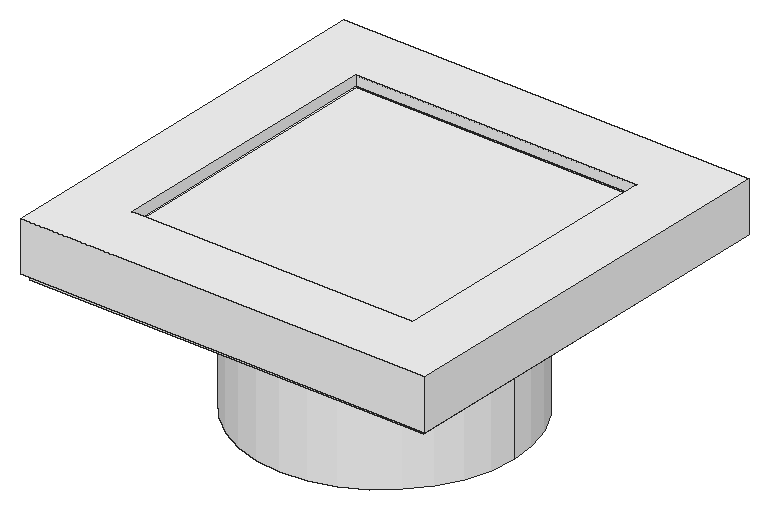
Revit family "Gira_029626", category Electrical Fixtures, host Face, Revit 2017
Family settings
  Host = Face
  Maintain Annotation Orientation = Yes
  Round Connector Dimension = Use Diameter
  Part Type = Normal
  Cut with Voids When Loaded = No
  Shared = No
  Room Calculation Point = No
Parameters (values of type "Wippe System 55 F Alu")
  White [instance] = White
  Werkstoffgüte = "Thermoplast"
  Werkstoff = "Kunststoff"
  Verwendung = "Schalter/Taster"
  URL = "http://katalog.gira.de/de_DE/datenblatt.html?artikelnr=029626"
  Region = "DE"
  Oberfläche = "sonstige"
  Name = "Wippe System 55 F Alu"
  Model = "Sys55_Komplettgerät_Schalten und Tasten"
  Mit austauschbarer Linse/Symbol = "No"
  Mit Beschriftungsfeld = "No"
  Manufacturer URL = "https://www.gira.de/"
  Kontrollfenster/Lichtauslass = "No"
  HeinzeBIM = "https://bimportal.heinze.de/bim/wippe-system-55-f-alu/56d43522043e4e47e9ce2112e4aa0c4ce696ad54"
  Halogenfrei = "Yes"
  HAN = "029626"
  Geeignet für Schutzart (IP) = "IP20"
  Geeignet für Bussystem-Tasterankopplung = "Yes"
  GTIN = "4010337296263"
  Farbe = "aluminium"
  Default Elevation = 1219.2 mm
  Data sheet (1) = "https://katalog.gira.de/de_DE/download.html?artikelnr=029626"
  Category = "Abdeckung/Bedienelement für Installationsschalterprogramme"
  Befestigungsart = "Klemmbefestigung"
  Available = "Yes"
  Ausführung = "einteilige Wippe"
  Aufdruck/Kennzeichnung = "ohne Aufdruck"
  Abtastbares Symbol/barrierefrei = "No"
Reference planes
  plane 1 "Center (Front/Back)": y = 0
  plane 2: z = 0
  plane 3 "Center (Left/Right)": x = 0
Forms (mm)
  Extrusion 1, solid, material "White" <- "White", detail levels medium
    sketch origin (0, 0, 0) x (1, 0, 0) y (0, 1, 0)
      loop
        line (-40.4, 40.4) -> (-40.4, -40.4) -> (40.4, -40.4) -> (40.4, 40.4) -> (-40.4, 40.4)
      loop
        line (-28, 28) -> (-28, -28) -> (28, -28) -> (28, 28) -> (-28, 28)
    from 0 to 10
  Extrusion 2, solid, material "White" <- "White", detail levels fine
    sketch origin (0, 0, 0) x (1, 0, 0) y (0, 1, 0)
      loop
        line (-40.4, 40.4) -> (-40.4, -40.4) -> (40.4, -40.4) -> (40.4, 40.4) -> (-40.4, 40.4)
      loop
        line (-28, 28) -> (-28, -28) -> (28, -28) -> (28, 28) -> (-28, 28)
    from 0 to 10
  Extrusion 3, void
    sketch origin (0, 0, 0) x (1, 0, 0) y (0, 1, 0)
      loop
        line (-38.4, 38.4) -> (-38.4, -38.4) -> (38.4, -38.4) -> (38.4, 38.4) -> (-38.4, 38.4)
    from 0 to 8
  Extrusion 4, solid, material "White" <- "White", detail levels medium+fine
    sketch origin (0, 0, 0) x (1, 0, 0) y (0, 1, 0)
      loop
        line (-39.4, 39.4) -> (-39.4, -39.4) -> (39.4, -39.4) -> (39.4, 39.4) -> (-39.4, 39.4)
    from 0 to -1
  Extrusion 5, solid, material "White" <- "White", detail levels medium+fine
    sketch origin (0, 0, 0) x (1, 0, 0) y (0, 1, 0)
      loop
        line (-35.5, 35.5) -> (-35.5, -35.5) -> (35.5, -35.5) -> (35.5, 35.5) -> (-35.5, 35.5)
    from -2 to -3
  Extrusion 6, solid, material "White" <- "White", detail levels medium+fine
    sketch origin (0, 0, 0) x (1, 0, 0) y (0, 1, 0)
      loop
        circle (0, 0) r 26
    from 0 to -27.5
  Extrusion 7, solid, material "White" <- "White", detail levels coarse
    sketch origin (0, 0, 0) x (1, 0, 0) y (0, 1, 0)
      loop
        line (-40.4, 40.4) -> (-40.4, -40.4) -> (40.4, -40.4) -> (40.4, 40.4) -> (-40.4, 40.4)
    from -27.5 to 10
Cuts and joins
  Extrusion 3 cuts Extrusion 2
Dimensions and locks
  aligned and locked: plane 2 to host face
  aligned and locked: level to host face
  aligned and locked: plane 3 "Center (Left/Right)" to nested 2
  aligned and locked: plane 1 "Center (Front/Back)" to nested 2
Nested families
  nested 1: "Sys55_Abdeckung_Schalten und Tasten_floor_base" at (0, 0, 0), type "Sys55_Abdeckung_Schalten und Tasten_floor_base"
  nested 2: "Schalter" at (0, 0, 0), type "Schalter"
Connectors
  electrical at (0, 0, -27.5)
    settings: on Extrusion 6, index 1, voltage 220 V, apparent load 0 VA, apparent load phase1 0 VA, apparent load phase2 0 VA, apparent load phase3 0 VA, power factor 1, load classification "Other", number of poles 1, system type 30, power factor state 1, is connector primary yes, connector utility no, sub classification motor no, connector description ""
Definition of nested family "Sys55_Abdeckung_Schalten und Tasten_floor_base"
  Parameters
    Default Elevation = 1219.2 mm
    White [instance] = none
  Reference planes
    plane 1 "Center (Front/Back)": y = 0
    plane 2: z = 0
    plane 3 "Center (Left/Right)": x = 0
  Forms (mm)
    Extrusion 1, solid
      sketch origin (0, 0, 0) x (1, 0, 0) y (0, 1, 0)
        loop
          line (-1219.2, 1219.2) -> (-1219.2, -1219.2) -> (1219.2, -1219.2) -> (1219.2, 1219.2) -> (-1219.2, 1219.2)
      from 0 to -304.8
    Extrusion 2, solid, material <- "White", detail levels fine
      sketch origin (0, 0, 0) x (1, 0, 0) y (0, 1, 0)
        loop
          line (-27.5, 27.5) -> (-27.5, -27.5) -> (27.5, -27.5) -> (27.5, 27.5) -> (-27.5, 27.5)
      from 0 to 8
    Extrusion 3, void
      sketch origin (0, 0, 0) x (1, 0, 0) y (0, 1, 0)
        loop
          line (26, 26) -> (-26, 26) -> (-26, -26) -> (26, -26) -> (26, 26)
      from 0 to 6
    Extrusion 4, solid, material <- "White", detail levels medium
      sketch origin (0, 0, 0) x (1, 0, 0) y (0, 1, 0)
        loop
          line (-27.5, 27.5) -> (-27.5, -27.5) -> (27.5, -27.5) -> (27.5, 27.5) -> (-27.5, 27.5)
      from 0 to 8
    Extrusion 5, solid, material <- "White", detail levels medium
      sketch origin (0, 0, 0) x (1, 0, 0) y (0, 1, 0)
        loop
          line (11, -17.5) -> (11, 17.5) -> (-11, 17.5) -> (-11, -17.5) -> (11, -17.5)
      from -6 to 6
    Extrusion 6, solid, material <- "White", detail levels fine
      sketch origin (0, 0, 0) x (1, 0, 0) y (0, 1, 0)
        loop
          line (11, 17.5) -> (-11, 17.5) -> (-11, 16.5) -> (11, 16.5) -> (11, 17.5)
        loop
          line (-11, -16.5) -> (-11, -17.5) -> (11, -17.5) -> (11, -16.5) -> (-11, -16.5)
      from -4 to 6
    Extrusion 7, solid, material <- "White", detail levels fine
      sketch origin (0, 0, 0) x (1, 0, 0) y (0, 1, 0)
        loop
          arc (5, 9.347) -> (0, 10.6) -> (-5, 9.347) r 10.6
          line (-5, 9.347) -> (-5, -9.347)
          arc (-5, -9.347) -> (0, -10.6) -> (5, -9.347) r 10.6
          line (5, -9.347) -> (5, 9.347)
      from -6 to 6
    Extrusion 8, solid, material <- "White", detail levels coarse
      sketch origin (0, 0, 0) x (1, 0, 0) y (0, 1, 0)
        loop
          line (-27.5, 27.5) -> (-27.5, -27.5) -> (27.5, -27.5) -> (27.5, 27.5) -> (-27.5, 27.5)
      from -6 to 8
  Cuts and joins
    Extrusion 3 cuts Extrusion 2
  Dimensions and locks
    aligned and locked: plane 2 to Extrusion 1
    aligned and locked: level to Extrusion 1
Definition of nested family "Schalter"
  Reference planes
    plane 1: y = 0
    plane 2: x = 0
  Lines and regions (mm)
    detail lines
      curve 1: circle (1.375, 2.778, 0) r 0.8 normal (0, 0, 1)
      curve 2: line (1.021, 2.061, 0) -> (0, 0, 0)
      curve 3: line (0, 0, 0) -> (-0.538, 0.266, 0)
  Dimensions and locks
    curve 2 to curve 2 = 2.3 mm
    curve 3 to curve 2 = 0.6 mm
    radius of curve 1 = 0.8 mm
